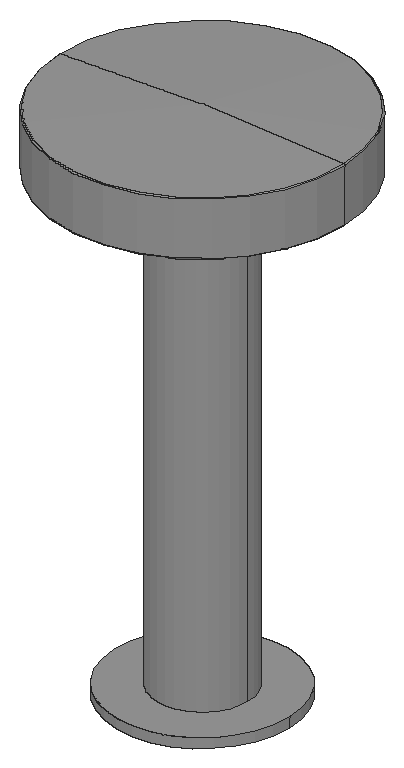
Revit family "PLIN 6.0", category Lighting Fixtures, Revit 2020
Family settings
  Round Connector Dimension = Use Diameter
  Part Type = Normal
  OmniClass Number = 23.80.70.00
  OmniClass Title = Lighting
  Work Plane-Based = Yes
  Always vertical = No
  Cut with Voids When Loaded = No
  Light Source = No
  Shared = No
  Room Calculation Point = Yes
Parameters (values of type "PLIN 6.0 A (3000K 14W 230Vac) h285")
  Wiring = "-"
  Width mm = 155 mm
  Weight kg = "2.00 kg"
  Vertical rotation max = 0.00°
  URL Accessories and power supply units = "https://www.lucelight.it/en/prodotto.php/144420#a-scheda-accessori"
  URL = "https://www.lucelight.it/en/prodotto.php/144420"
  URL Technical sheet = "-"
  URL Image = "https://www.lucelight.it/en/prodotto-foto.php/144420"
  URL IES Photometric file = "https://www.lucelight.it/media/prodotti/fotometrie/plin_6.0_ies.zip"
  URL General code = "https://www.lucelight.it/en/prodotto.php/144420#a-generacodice"
  URL Description = "https://www.lucelight.it/en/capitolato.php/144420"
  URL DXF = "https://www.lucelight.it/media/prodotti/dxf/plin_6.0.dxf"
  URL Catalogue = "-"
  Power supply unit = "built-in\r\nnot included\r\nnot included"
  Power supply = "230Vac"
  Power cables = "-"
  Power = "14W"
  Optics = "asymmetrical circular"
  No. and type of led = "8 power LEDs, 2-step MacAdam, 60 000h L90 B10 (Ta 25°C)"
  Model = "Plin 6.0"
  Manufacturer = "L&L Luce&Light"
  Notes = "Non-standard heights available on request"
  Mounting = "surface mounted (floor)"
  Material = "Head in aluminium, column in AISI 316L stainless steel. Screen in serigraphed, acid-etched, tempered extra-clear glass"
  Lumen output at source = "1560 lm (3000K)"
  Horizontal rotation max = 0.00°
  Description = "Bollards for outdoor applications"
  Default Elevation = 1219.2 mm
  Body = L&L_Anticorodal aluminium
  Lens = L&L_Tempered extra-clear glass
  Length mm = 155 mm
  LED Colour = "22000K, 2700K, 3000K, 4000K"
  IP = "IP65"
  Height mm = 285 mm
  Features = "-"
  Energy efficiency class = "A A+ A++"
  Delivered lumen output = "1160 lm (3000K)"
  Cutout dimensions = "-"
  Control system = "ON/OFF"
  Contact = "T: +39 0444 360571; E: lucelight@lucelight.it"
  Company = "L&L Luce&Light"
  Code = "-"
  CRI = "CRI 80"
  Apparent Load Phase 1 = 4.5 W
Reference planes
  plane 1 "Light Source Axis (F/B)": y = 0
  plane 2: z = 0
  plane 3 "Light Source Axis (L/R)": x = 0
  plane 4 "Light Source Elevation": z = 29
  plane 5: z = 111
Lines and regions (mm)
  reference lines
    curve 1: line (0, 0, 0) -> (-10, 0, 0)
Dimensions and locks
  aligned and locked: level to plane 2
Nested families
  nested 1: "Light source PLIN 6.0" at (35.773, 29.726, 255.2) x (-1, 0, 0) z (0, 0, -1), type "PLIN 6.0 A (3000K 14W 230Vac)"
  nested 2: "PLIN 6.0_mod" at (0, 0, 0), type "PLIN 6.0_mod"
    with Width 37 mm, Type 3 yes, Type 2 no, Length Base 388.914 mm, Length 616 mm
Connectors
  electrical at (0, 0, 0), driven by "Apparent Load Phase 1"
    settings: index 1, voltage 500 V, apparent load 0 VA, apparent load phase1 4.5 VA, apparent load phase2 0 VA, apparent load phase3 0 VA, power factor 1, load classification "Lighting", number of poles 1, system type 31, power factor state 1, is connector primary yes, connector utility no, sub classification motor no, connector description ""
Definition of nested family "PLIN 6.0_mod"
  Parameters (values of type "PLIN 6.0_mod")
    Width [instance] = 37 mm
    Type 3 [instance] = yes
    Type 2 [instance] = no
    Lens = none
    Length Base [instance] = 388.914 mm
    Length [instance] = 616 mm
    Default Elevation = 1219.2 mm
    Body = none
  Reference planes
    plane 1 "Light Source Axis (F/B)": y = 0
    plane 2: z = 0
    plane 3 "Light Source Axis (L/R)": x = 0
    plane 4 "Light Source Elevation": z = 2
    plane 5: z = 139.963
    plane 6: z = 110.963
    plane 7: z = 65.963
  Forms (mm)
    Extrusion 1, solid, material <- "Body", detail levels medium+fine
      sketch origin (0, 0, 0) x (1, 0, 0) y (0, 1, 0)
        loop
          circle (0, 0) r 47.5
      from 0 to 5.2
    Extrusion 2, solid, material <- "Body", detail levels medium+fine
      sketch origin (0, 0, 0) x (1, 0, 0) y (0, 1, 0)
        loop
          circle (0, 0) r 25
      from 5.2 to 255.2
    Sweep 3, solid, material <- "Body", detail levels fine
      path in 3D
        loop
          arc (-77.5, 0, 255.2) -> (0, -77.5, 255.2) -> (77.5, 0, 255.2) r 77.5
          arc (77.5, 0, 255.2) -> (0, 77.5, 255.2) -> (-77.5, 0, 255.2) r 77.5
      profile origin (0, 77.5, 255.2) x (0, -1, 0) y (0, 0, 1)
        loop
          line (0.56, 0) -> (3.491, 0) -> (3.491, 2.705) -> (77.49, 2.705) -> (77.49, 32.7) -> (0.56, 30.02) -> (0, 29.46) -> (0, 0.56) -> (0.56, 0)
    Extrusion 4, solid, material <- "Lens", detail levels medium+fine
      sketch origin (0, 0, 255.2) x (1, 0, 0) y (0, -1, 0)
        loop
          circle (0, 0) r 74.009
        loop
          circle (0, 0) r 25
      from -2.705 to 0
    Extrusion 5, solid, material <- "Body", detail levels coarse+medium
      sketch origin (0, 0, 250) x (1, 0, 0) y (0, 1, 0)
        loop
          circle (0, 0) r 77.5
      from 5.2 to 35.22
    Extrusion 6, solid, material <- "Body", detail levels coarse
      sketch origin (0, 0, 0) x (1, 0, 0) y (0, 1, 0)
        loop
          circle (0, 0) r 47.5
      from 0 to 255.2
  Lines and regions (mm)
    sketch lines
      curve 1: circle (0, 0, 255.2) r 77.5 normal (0, 0, 1)
  Dimensions and locks
    level to plane 4 "Light Source Elevation" = 2 mm
    plane 6 to plane 5 = 29 mm
    level to plane 5 = 139.963 mm
    plane 7 to plane 6 = 45 mm
    plane 7 to plane 2 = 65.963 mm
    plane 6 to plane 2 = 110.963 mm
    plane 6 to plane 7 = 45 mm
    aligned and locked: level to plane 2
Definition of nested family "Light source PLIN 6.0"
  Parameters (values of type "PLIN 6.0 A (3000K 14W 230Vac)")
    Wattage = 10.5021 W
    built-in parameter 1150110 = 1 (stored number, unit not read)
    built-in parameter 1114217 = 1 (stored number, unit not read)
    Tilt Angle = -90.00°
    built-in parameter 1150109 = 1 (stored number, unit not read)
    built-in parameter 1150134 = (empty or 0)
    built-in parameter 1150113 = 1 (stored number, unit not read)
    Photometric Web File = "PLIN 6.0 A [3000K 14W 230Vac] h285.IES"
    Lumens = 1560 lm
    built-in parameter 1150115 = 1 (stored number, unit not read)
    built-in parameter 1150105 = 755.59 (stored number, unit not read)
    built-in parameter 1150137 = (empty or 0)
    built-in parameter 1150139 = (empty or 0)
    built-in parameter 1150112 = 1 (stored number, unit not read)
    built-in parameter 1150114 = 1 (stored number, unit not read)
    built-in parameter 1150132 = 2
    built-in parameter 1150102 = (empty or 0)
    built-in parameter 1150138 = (empty or 0)
    built-in parameter 1150107 = 3000 (stored number, unit not read)
    built-in parameter 1150106 = 7.5559 (stored number, unit not read)
    built-in parameter 1150104 = 13.8 (stored number, unit not read)
    Dimming Lamp Color Temperature Shift = (empty or 0)
    Default Elevation = 1219.2 mm
    Color Filter = 16777215
    built-in parameter 1114218 = 1 (stored number, unit not read)
    built-in parameter 1150133 = 10 (stored number, unit not read)
  Reference planes
    plane 1 "Light Source Axis (F/B)": y = 0
    plane 2: z = 0
    plane 3 "Light Source Axis (L/R)": x = 0
    plane 4 "Light Source Elevation": z = 0
  Dimensions and locks
    aligned and locked: plane 3 "Light Source Axis (L/R)" to imposter light
    aligned and locked: plane 1 "Light Source Axis (F/B)" to imposter light
    aligned and locked: plane 4 "Light Source Elevation" to imposter light
    aligned and locked: level to plane 2
